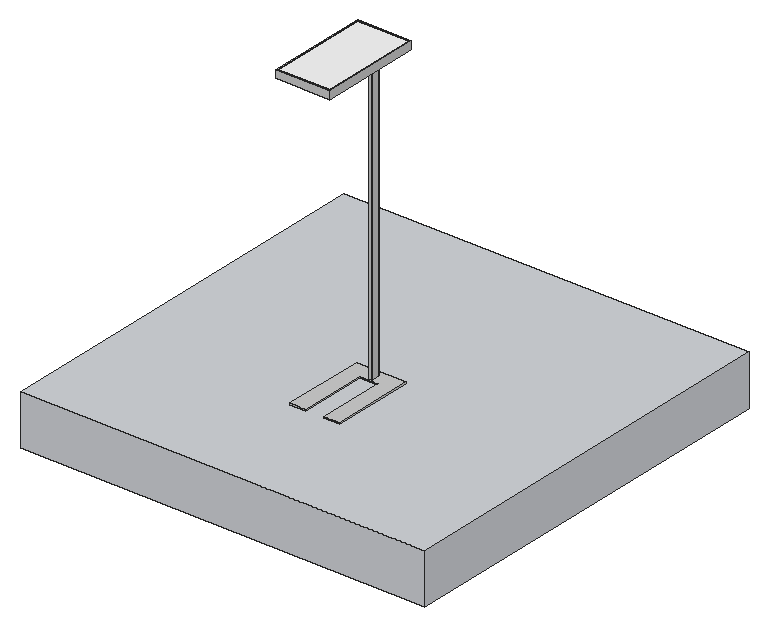
Revit family "en-halla-leira-free-standingrfa", category Осветительные приборы, Revit 2017
Family settings
  Основа = Грань
  Размер круглого соединителя = Использовать диаметр
  Тип детали = Нормальный
  Номер OmniClass = 23.80.70.11.11
  Заголовок OmniClass = General Luminaries, Non Directional
  При загрузке вырезать с полостями = Нет
  Источник света = Нет
  Общий = Нет
  Точка расчета площади = Нет
Parameters
  Полная установленная мощность = Power input  # 84 VA
  Youtube clip = ""
  Weight Net (Kg) = "0"
  Изготовитель = "HALLA"  # constant formula
  Default Elevation = 0 mm
  Voltage = "230-240V"
  Uniclass 2.0 Description = "Luminaires And Lamps"
  Uniclass 2.0 Code = "PR-49"
  Uniclass 1.4 Description = "Luminaires and lamps"
  Uniclass 1.4 Code = "JY73"
  URL = "http://www.halla.cz"
  UNSPSC Code = "3911"
  Technical description = ""
  Switched on [instance] = yes
  Switched off [instance] = not(Switched on)  # no
  Source used = ""
  Source type = ""
  Shape of luminaire = ""
  Region South America = "All"
  Region Oceania = "All"
  Region North America = "All"
  Region Middle East = "All"
  Region Europe = "All"
  Region Asia = "All"
  Region Antarctica = "All"
  Region Africa = "All"
  QR code = "http://file-system.ru/catalog/zdaniya_i_sooruzheniya/interer/osveshchenie/halla_leira_svetilnik_otdelnostoyashchiy/"
  Protection class = "I"
  Product group = "LEIRA"
  Product family = "Indoor Luminaires"
  Product data url = ""
  Product code = ""
  Product certification = ""
  Product URL = ""
  Product SKU = "leira"
  Price (EUR) = 0
  Power input = 84 W
  Description = ""
  Optics type = ""
  Number of sources = 4
  Nominal width = "615.00"
  Nominal height = "1840.00"
  NBS Reference Description = "Luminaires And Lamps"
  NBS Reference Code = "49"
  Material secondary = ""
  Material of luminaire = "Hliník"
  Material main = "Aluminium"
  Manufacturer name = "HALLA"
  Manufacturer country = "Czech Republic"
  Lighting width = 0 mm
  Lighting source distance = 1799.2 mm  # constant formula
  Lighting length = 0 mm
  Lighting height = 0 mm
  Lighting dimensions = ""
  LED source = yes
  Installation instructions = ""
  Installation instruction = ""
  Initial intensity = ""
  Initial colour = ""
  IP Code = "IP 40"
  IFC Classification = "Light Fixture"
  Frequency = ""
  Energy class = ""
  Electric potential = 230 V  # constant formula
  Model = ""
  Код по классификатору = "D5020230"
  Edition number = "1"
  EAN code = ""
  EAN = ""
  Distribution = ""
  Designer = ""
  Design country = "Czech Republic"
  Depth = "325.00"
  Date of publishing = "2014-12-15"
  Data sheet = ""
  Control gear option = ""
  Colour of luminaire = Aluminium - silver
  COBIe Type Category = ""
Reference planes
  plane 1 "Střed (vpředu/vzadu)": y = 0
  plane 2: z = 0
  plane 3 "Střed (vlevo/vpravo)": x = 0
  plane 4: z = 1845
Forms (mm)
  Extrusion 1, solid
    sketch origin (0, 0, 0) x (1, 0, 0) y (0, 1, 0)
      loop
        line (-1219.2, 1219.2) -> (-1219.2, -1219.2) -> (1219.2, -1219.2) -> (1219.2, 1219.2) -> (-1219.2, 1219.2)
    from 0 to -304.8
  Extrusion 2, solid, material "Aluminium - silver" <- "Colour of luminaire"
    sketch origin (0, 0, 0) x (1, 0, 0) y (0, 1, 0)
      loop
        line (-150, -23.014) -> (-150, -523.014) -> (-55, -523.014) -> (-55, -118.014) -> (55, -118.014) -> (55, -523.014) -> (150, -523.014) -> (150, -23.014) -> (-150, -23.014)
    from 0 to 8.361
  Extrusion 3, solid, material "Aluminium - silver" <- "Colour of luminaire"
    sketch origin (0, 0, 0) x (1, 0, 0) y (0, 1, 0)
      loop
        arc (-12.75, -103.152) -> (-11.871, -105.274) -> (-9.75, -106.152) r 3
        line (-9.75, -106.152) -> (9.75, -106.152)
        arc (9.75, -106.152) -> (11.871, -105.274) -> (12.75, -103.152) r 3
        line (12.75, -103.152) -> (12.75, -56.852)
        arc (12.75, -56.852) -> (11.871, -54.731) -> (9.75, -53.852) r 3
        line (9.75, -53.852) -> (-9.75, -53.852)
        arc (-9.75, -53.852) -> (-11.871, -54.731) -> (-12.75, -56.852) r 3
        line (-12.75, -56.852) -> (-12.75, -103.152)
    from 8.361 to 1803.443
  Extrusion 4, solid, material "Aluminium - silver" <- "Colour of luminaire"
    sketch origin (-1152.183, -4572, 1845) x (-1, 0, 0) y (0, -1, 0)
      loop
        line (-989.683, -4572) -> (-989.683, -3957) -> (-1314.683, -3957) -> (-1314.683, -4572) -> (-989.683, -4572)
      loop
        line (-1309.683, -3963.998) -> (-1309.683, -4565.5) -> (-996.183, -4565.5) -> (-996.183, -3963.998) -> (-1309.683, -3963.998)
    from 0 to -45.657
  Extrusion 5, solid, material "Diffuser - light switched on", visible <- "Switched off"
    sketch origin (-1152.183, -4572, 1845) x (-1, 0, 0) y (0, -1, 0)
      loop
        line (-996.183, -4565.5) -> (-996.183, -3963.998) -> (-1309.683, -3963.998) -> (-1309.683, -4565.5) -> (-996.183, -4565.5)
    from -45.657 to 0
  Extrusion 6, solid, material "Diffuser - light switched off", visible <- "Switched on"
    sketch origin (-1152.183, -4572, 1845) x (-1, 0, 0) y (0, -1, 0)
      loop
        line (-996.183, -4565.5) -> (-996.183, -3963.998) -> (-1309.683, -3963.998) -> (-1309.683, -4565.5) -> (-996.183, -4565.5)
    from -45.657 to 0
Dimensions and locks
  aligned and locked: plane 2 to Extrusion 1
  aligned and locked: level to Extrusion 1
Nested families
  nested 1: "LEIRA - source" at (-76.36, -157.936, 1799.2), built-in parameter 1001364 <- "Lighting source distance", type "LEIRA - source"
  nested 2: "LEIRA - source" at (-77.729, -451.5, 1799.2), built-in parameter 1001364 <- "Lighting source distance", type "LEIRA - source"
  nested 3: "LEIRA - source" at (78.487, -157.936, 1799.2) x (-1, 0, 0) z (0, 0, 1), built-in parameter 1001364 <- "Lighting source distance", type "LEIRA - source"
  nested 4: "LEIRA - source" at (79.229, -451.5, 1799.2) x (-1, 0, 0) z (0, 0, 1), built-in parameter 1001364 <- "Lighting source distance", type "LEIRA - source"
Connectors
  electrical at (0, -296.764, 0), driven by "Electric potential", driven by "Полная установленная мощность"
    settings: on Extrusion 2, index 1, voltage 230 V, apparent load 84 VA, apparent load phase1 0 VA, apparent load phase2 0 VA, apparent load phase3 0 VA, power factor 1, load classification "Osvětlení", number of poles 1, system type 30, power factor state 0, is connector primary yes, connector utility no, sub classification motor no, connector description ""
Definition of nested family "LEIRA - source"
  Parameters
    built-in parameter 1150104 = 13.8 (stored number, unit not read)
    Tilt Angle = -90.00°
    built-in parameter 1150112 = 1 (stored number, unit not read)
    built-in parameter 1114218 = 1 (stored number, unit not read)
    built-in parameter 1150109 = 1 (stored number, unit not read)
    built-in parameter 1150110 = 1 (stored number, unit not read)
    built-in parameter 1150133 = 10 (stored number, unit not read)
    built-in parameter 1150134 = (empty or 0)
    Lumens = 1300 lm
    Photometric Web File = "LEIRA 430-711I-4055EI.ies"
    Wattage = 8.75174 W
    built-in parameter 1150107 = 3000 (stored number, unit not read)
    built-in parameter 1150102 = (empty or 0)
    built-in parameter 1150138 = (empty or 0)
    Dimming Lamp Color Temperature Shift = (empty or 0)
    built-in parameter 1150114 = 1 (stored number, unit not read)
    built-in parameter 1150115 = 1 (stored number, unit not read)
    built-in parameter 1150106 = 1.0345 (stored number, unit not read)
    built-in parameter 1150137 = (empty or 0)
    built-in parameter 1150132 = 2
    built-in parameter 1150105 = 103.45 (stored number, unit not read)
    built-in parameter 1150139 = (empty or 0)
    built-in parameter 1150113 = 1 (stored number, unit not read)
    Emit from Rectangle Width = 157 mm  # constant formula
    Emit from Rectangle Length = 301 mm  # constant formula
    Emit Shape Visible in Rendering = yes
    built-in parameter 1114217 = 1 (stored number, unit not read)
    Color Filter = 16777215
  Reference planes
    plane 1 "Střed (vpředu/vzadu)": y = 0
    plane 2: z = 0
    plane 3 "Střed (vlevo/vpravo)": x = 0
  Dimensions and locks
    aligned and locked: level to plane 2
